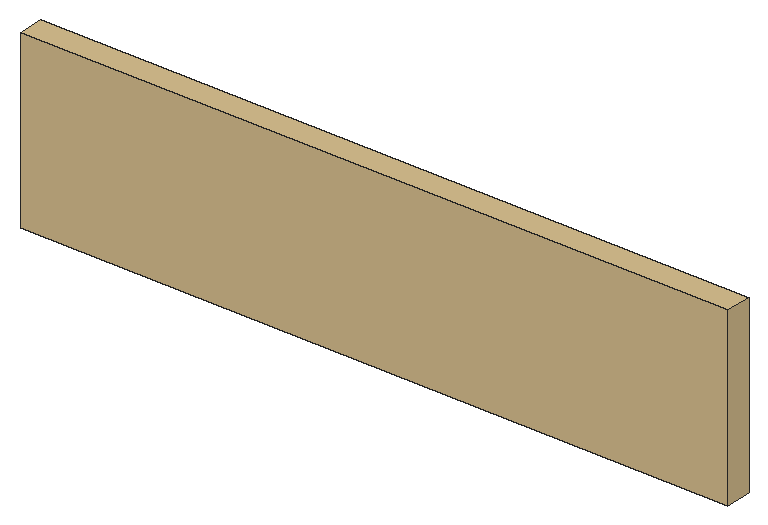
Revit family
Parameters (values of type "44X302")
  시작 확장 계산 [instance] = 3000 mm + 시작 확장  # 3000 mm
  시작 확장 [instance] = 0 mm
  Length [instance] = 1524 mm
  b = 44 mm
  d = 302 mm
  끝 확장 계산 [instance] = 3000 mm + 끝 확장  # 3000 mm
  끝 확장 [instance] = 0 mm
  보 재료 [instance] = 목재 - 치수 재목
Types (3, lengths in mm): name | b | d
  (no name) | 44 | 302
  44X302 | 44 | 302
  89X356 | 89 | 356
Reference planes
  plane 1 "중심(앞/뒤)": y = 0
  plane 2: z = 0
  plane 3 "중심(왼쪽/오른쪽)": x = 4.61
  plane 4 "왼쪽 부재": x = -604.99
  plane 5 "오른쪽 부재": x = 614.21
  plane 6: y = 22
  plane 7: y = -22
  plane 8: z = 151
  plane 9: z = -151
  plane 10 "왼쪽": x = -757.39
  plane 11 "기호를 왼쪽에 부착": x = -452.59
  plane 12 "기호를 오른쪽에 부착": x = 461.81
  plane 13 "오른쪽": x = 766.61
  plane 14: x = -604.99
  plane 15: x = 614.21
  plane 16: x = 2395.01
  plane 17: x = -2385.79
Forms (mm)
  Sweep 1, solid, material "목재 - 치수 재목" <- "보 재료", detail levels medium+fine
    path origin (0, 0, 0) x (1, 0, 0) y (0, 1, 0)
      loop
        line (614.21, 0) -> (-604.99, 0)
    profile "M_직사각형 목재 보-프로파일 : M_직사각형 목재 보-프로파일" origin (4.61, 0, 0) x (0, -1, 0) y (0, 0, 1)
      loop
        line (-22, -151) -> (22, -151) -> (22, 151) -> (-22, 151) -> (-22, -151)
Lines and regions (mm)
  symbolic lines, style "기호 부착", detail levels coarse
    curve 1: line (4.61, 22, 151) -> (4.61, -22, 151)
    curve 2: line (4.61, -22, -151) -> (4.61, 22, -151)
    curve 3: line (4.61, 22, -151) -> (4.61, 22, 151)
    curve 4: line (4.61, -22, 151) -> (4.61, -22, -151)
Dimensions and locks
  "b": plane 6 to plane 7
  "d": plane 9 to plane 8
  equal spacing: plane 9, plane 2, plane 8
  equal spacing: plane 6, plane 1 "중심(앞/뒤)", plane 7
  "Length": plane 10 "왼쪽" to plane 13 "오른쪽"
  locked: plane 17 to plane 5 "오른쪽 부재" at 3000
  locked: plane 4 "왼쪽 부재" to plane 16 at 3000
  "시작 확장 계산": plane 14 to plane 16
  "끝 확장 계산": plane 17 to plane 15
  aligned and locked: Sweep 1 sketch curve to plane 1 "중심(앞/뒤)"
  aligned and locked: curve 1 to Sweep 1
  aligned and locked: curve 2 to Sweep 1
  aligned and locked: curve 3 to Sweep 1
  aligned and locked: curve 4 to Sweep 1
  aligned and locked: plane 14 to Sweep 1 sketch curve
  aligned and locked: plane 15 to Sweep 1 sketch curve
